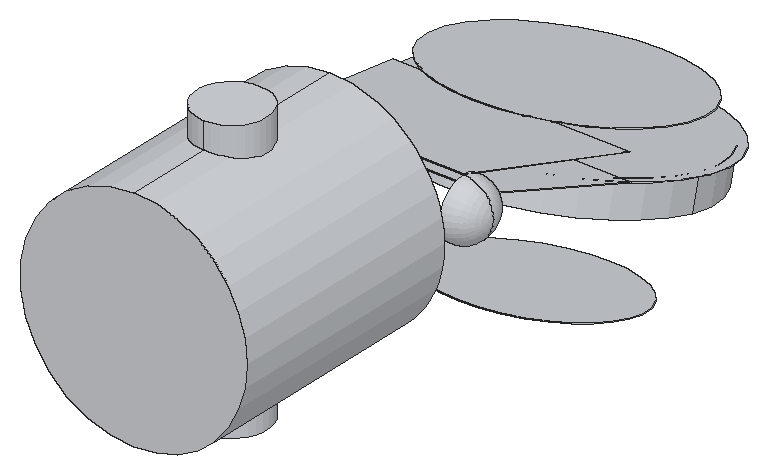
Revit family "SHG_Melder_V1700", category Sicherheitsgeräte, Revit 2017
Family settings
  Beschriftungsausrichtung beibehalten = Nein
  Bemaßung runder Anschluss = Durchmesser verwenden
  Teiletyp = Normal
  OmniClass-Nummer = 23.85.30.14
  OmniClass-Titel = Presence Detection/Registration
  Arbeitsebenenbasiert = Nein
  Immer vertikal = Ja
  Beim Laden mit Abzugskörper schneiden = Nein
  Gemeinsam genutzt = Nein
  Raumberechnungspunkt = Nein
Parameters (values of type "Ultraschallbewegungsmelder")
  Überfallmelder = no
  pbr_Material_KZ = ""
  pbr_Material = none
  pbr_E_Typ = ""
  pbr_E_KZ = ""
  pbr_DINBild = 0
  pbr_Bild = 0
  pbr_3Dx_Delta_Korrekturversatz [instance] = 0 mm
  pbr_3DX_Versatzfaktor [instance] = 0
  pbr_2DY_Versatzfaktor [instance] = 0
  pbr_2DX_Versatzfaktor [instance] = 0
  lfd_STRK [instance] = 0
  cpiFitMatchKey [instance] = "E-IM"  # constant formula
  Zentrale [instance] = ""
  Ultraschallbewegungsmelder = yes
  Typ [instance] = ""
  Text3 [instance] = ""
  Text2 [instance] = ""
  Text1 [instance] = ""
  Planungsbüro Rohling = "www.pbr.de"
  Netzart = ""
  Menge(Dosenzahl) [instance] = 0
  Linie/Anschluss [instance] = ""
  Linie [instance] = ""
  Lastklassifizierung = none
  Körperschallmelder = no
  Installationsart [instance] = ""
  Info [instance] = ""
  Glasbruchmelder passiv = no
  Glasbruchmelder akustisch = no
  Gewerk [instance] = "EMA"
  Eckversatz [instance] = 0 mm
  YFrontversatz [instance] = if(pbr_2DY_Versatzfaktor = 300, 0 mm, pbr_2DY_Versatzfaktor * 300 mm)  # 0 mm
  XSeitenversatz [instance] = if(pbr_2DX_Versatzfaktor = 0, 3000 mm, 3000 mm + (pbr_2DX_Versatzfaktor * 300 mm)) + Eckversatz  # 3000 mm
  R_Leerrohranschluss = 10 mm
  Niveau [instance] = 1100 mm
  Durchbruchsmelder = no
  Dosentiefe = 70 mm  # constant formula
  Dosenradius = 65 mm / 2  # 32.5 mm
  D_Leerrohranschluss = 2 * R_Leerrohranschluss  # 20 mm
  Bus [instance] = ""
  Breite = 80 mm
  Betriebsstrom ruhe [instance] = 0
  Betriebsstrom max [instance] = 0
  3DX_Versatzkontrolle [instance] = if(pbr_3DX_Versatzfaktor = 0, (pbr_2DX_Versatzfaktor * -1), (((-1 * pbr_3DX_Versatzfaktor) + pbr_2DX_Versatzfaktor) * -1))  # 0
  3DX_Versatzfaktor [instance] = 0
  3DX_Versatz [instance] = if([3DX_Versatzkontrolle] = 0, 2000 mm, 2000 mm + ([3DX_Versatzkontrolle] * (300 mm - Breite))) + pbr_3Dx_Delta_Korrekturversatz  # 2000 mm
  2DY_Versatzfaktor [instance] = 0
  2DX_Versatzfaktor [instance] = 0
  Platzierrahmen [instance] = no
Types (6, lengths in mm): name | Überfallmelder | Ultraschallbewegungsmelder | Körperschallmelder | Glasbruchmelder passiv | Glasbruchmelder akustisch | Durchbruchsmelder
  Durchbruchsmelder | no | no | no | no | no | yes
  Glasbruchmelder_akustisch | no | no | no | no | yes | no
  Glasbruchmelder_passiv | no | no | no | yes | no | no
  Koerperschallmelder | no | no | yes | no | no | no
  Ueberfallmelder | yes | no | no | no | no | no
  Ultraschallbewegungsmelder | no | yes | no | no | no | no
Reference planes
  plane 1 "Mitte (Vorne/Hinten)": y = 0
  plane 2: z = 0
  plane 3 "Mitte (Links/Rechts)": x = 0
  plane 4: x = -125
  plane 5: x = 125
  plane 6: y = 300
  plane 7 "Schalterhinten": y = 0
  plane 8: x = -3000
  plane 9: x = 0
  plane 10: x = -2000
  plane 11: x = -40
  plane 12: x = 40
  plane 13: z = 1140
  plane 14: z = 1060
  plane 15 "SchalterVorne": y = 5
  plane 16 "3DSchalterMitte": x = 0
  plane 17: z = 1100
  plane 18: y = -70
  plane 19: y = -35
Forms (mm)
  Sweep 1, solid
    path origin (0, 0, 0) x (0, 0, 1) y (0, -1, 0)
      loop
        line (1100, 0) -> (1100, 70)
    profile origin (0, -35, 1100) x (0, 0, -1) y (1, 0, 0)
      loop
        circle (0, 0) r 32.5
  Sweep 2, solid
    path origin (0, 0, 0) x (0, 0, 1) y (0, -1, 0)
      loop
        line (1060, 35) -> (1140, 35)
    profile origin (0, -35, 1100) x (0, -1, 0) y (1, 0, 0)
      loop
        circle (0, 0) r 10
  Extrusion 3, solid
    sketch origin (240, 79.594, 1075.606) x (1, 0, 0) y (0, 0.970143, -0.242536)
      loop
        circle (-240, 0) r 39.95
    from 0 to 10
  Extrusion 4, solid
    sketch origin (248.5, 14.5, 1091.5) x (1, 0, 0) y (0, 1, 0)
      loop
        line (-240, 0) -> (-257, 0) -> (-257, -14.5) -> (-240, -14.5) -> (-240, 0)
    from 0 to 17
  Extrusion 5, solid
    sketch origin (240, 82.019, 1085.308) x (1, 0, 0) y (0, 0.970143, -0.242536)
      loop
        circle (-240, 0) r 42.5
    from -0.1 to 0.1
  Extrusion 6, solid
    sketch origin (240, 84.444, 1095.009) x (1, 0, 0) y (0, 0.970143, -0.242536)
      loop
        circle (-240, 0) r 34.85
    from -0.1 to 0.1
  Extrusion 7, solid
    sketch origin (240, 72.56, 1047.472) x (1, 0, 0) y (0, 0.970143, -0.242536)
      loop
        circle (-240, 0) r 27.625
    from -0.1 to 0.1
  Extrusion 8, solid
    sketch origin (265.5, 15.75, 1108.5) x (1, 0, 0) y (0, -0.968051, 0.250755)
      loop
        line (-291, 0) -> (-299.362, -50.367) -> (-231.638, -50.367) -> (-240, 0) -> (-291, 0)
    from -0.1 to 0.1
  Extrusion 9, solid
    sketch origin (265.5, 24.25, 1100) x (1, 0, 0) y (0, -0.96859, 0.248665)
      loop
        line (-291, 0) -> (-302.306, -38.358) -> (-228.694, -38.358) -> (-240, 0) -> (-291, 0)
    from -0.1 to 0.1
  Revolve 10, solid
    sketch origin (214.5, 15.75, 1100) x (0, 0, 1) y (1, 0, 0)
      loop
        arc (-8.5, -240) -> (-6.01, -246.01) -> (0, -248.5) r 8.5
        line (0, -248.5) -> (0, -247.7)
        arc (0, -247.7) -> (-5.445, -245.445) -> (-7.7, -240) r 7.7
        line (-7.7, -240) -> (-8.5, -240)
      axis (0, -240) -> (0, -248.5)
    angle from 0 to 360
  Revolve 11, solid
    sketch origin (265.5, 15.75, 1100) x (0, 0, 1) y (1, 0, 0)
      loop
        arc (8.5, -240) -> (6.01, -233.99) -> (0, -231.5) r 8.5
        line (0, -231.5) -> (0, -232.3)
        arc (0, -232.3) -> (5.445, -234.555) -> (7.7, -240) r 7.7
        line (7.7, -240) -> (8.5, -240)
      axis (0, -240) -> (0, -231.5)
    angle from 0 to 360
Cuts and joins
  joined: Sweep 1, Sweep 2
Lines and regions (mm)
  model lines
    curve 1: arc (-33.862, 64.508, 1095.87) -> (0, 45.542, 1100.612) -> (33.862, 64.508, 1095.87) r 39.1
    curve 2: arc (-36.806, 61.403, 1090.462) -> (0, 40.788, 1095.616) -> (36.806, 61.403, 1090.462) r 42.5
  model lines, style "InvisibleLines"
    curve 3: line (0, 139.5, 1100) -> (0, -40.5, 1100)
  model lines, style "InvisibleLines", detail levels coarse
    curve 4: line (-60, -21.75, 1100) -> (70, -21.75, 1100)
Dimensions and locks
  plane 4 to plane 5 = 250 mm
  plane 6 to plane 7 "Schalterhinten" = 300 mm
  equal spacing: plane 4, plane 9, plane 5, locked at 125 each
  "XSeitenversatz": plane 8 to plane 9
  plane 8 to plane 3 "Mitte (Links/Rechts)" = 3000 mm
  "YFrontversatz": plane 1 "Mitte (Vorne/Hinten)" to plane 7 "Schalterhinten"
  plane 12 to plane 11 = 80 mm
  plane 13 to plane 14 = 80 mm
  plane 9 to plane 10 = 2000 mm
  equal spacing: plane 12, plane 16 "3DSchalterMitte", plane 11
  equal spacing: plane 13, plane 17, plane 14
  "Niveau": plane 17 to level
  "Dosentiefe": plane 1 "Mitte (Vorne/Hinten)" to plane 18
  plane 15 "SchalterVorne" to plane 1 "Mitte (Vorne/Hinten)" = 5 mm
  equal spacing: plane 18, plane 19, plane 1 "Mitte (Vorne/Hinten)"
  locked: plane 9 to plane 10 at 2000
  "3DX_Versatz": plane 3 "Mitte (Links/Rechts)" to plane 10
  "Breite": plane 12 to plane 11
  "Dosenradius": radius of Sweep 1 sketch curve
  "R_Leerrohranschluss": radius of Sweep 2 sketch curve
  aligned and locked: level to plane 2
  aligned and locked: curve 3 to plane 16 "3DSchalterMitte"
  aligned and locked: plane 1 "Mitte (Vorne/Hinten)" to Extrusion 4
  aligned and locked: curve 3 to plane 17
  aligned and locked: nested 1 to plane 9
  aligned and locked: nested 1 to plane 7 "Schalterhinten"
  aligned and locked: nested 2 to plane 9
  aligned and locked: nested 2 to plane 7 "Schalterhinten"
  aligned and locked: nested 3 to plane 9
  aligned and locked: nested 3 to plane 7 "Schalterhinten"
  aligned and locked: nested 4 to plane 9
  aligned and locked: nested 4 to plane 7 "Schalterhinten"
  aligned and locked: nested 5 to plane 9
  aligned and locked: nested 5 to plane 7 "Schalterhinten"
  aligned and locked: nested 6 to plane 9
  aligned and locked: nested 6 to plane 7 "Schalterhinten"
Automatic sketch dimensions
  Sweep 1 sketch curve to plane 17 = 0 mm
  Sweep 1 sketch curve to plane 1 "Mitte (Vorne/Hinten)" = 0 mm
  Sweep 1 sketch curve to plane 18 = 0 mm
  Sweep 2 sketch curve to plane 14 = 0 mm
  plane 13 to Sweep 2 sketch curve = 0 mm
  Sweep 2 sketch curve to plane 19 = 0 mm
  Sweep 1 sketch curve to plane 16 "3DSchalterMitte" = 0 mm
  Sweep 1 sketch curve to profile plane = 0 mm
  Sweep 2 sketch curve to plane 16 "3DSchalterMitte" = 0 mm
  Sweep 2 sketch curve to profile plane = 0 mm
  Extrusion 4 sketch curve to Extrusion 4 sketch curve = 14.5 mm
  Extrusion 8 sketch curve to Extrusion 8 sketch curve = 50.367 mm
  Extrusion 9 sketch curve to Extrusion 9 sketch curve = 38.358 mm
  Revolve 10 sketch curve to Revolve 10 sketch curve = 0.8 mm
  Revolve 10 sketch curve to Revolve 10 sketch curve = 7.7 mm
  Revolve 10 sketch curve to Revolve 10 sketch curve = 0 mm  (x5)
  Revolve 11 sketch curve to Revolve 11 sketch curve = 7.7 mm
  Revolve 11 sketch curve to Revolve 11 sketch curve = 0.8 mm
  Revolve 11 sketch curve to Revolve 11 sketch curve = 0 mm  (x5)
  Extrusion 3 sketch curve to Extrusion 3 sketch curve = 39.95 mm
  Extrusion 4 sketch curve to Extrusion 4 sketch curve = 17 mm
  Extrusion 5 sketch curve to Extrusion 5 sketch curve = 42.5 mm
  Extrusion 6 sketch curve to Extrusion 6 sketch curve = 34.85 mm
  Extrusion 8 sketch curve to Extrusion 8 sketch curve = 8.362 mm  (x2)
  Extrusion 8 sketch curve to Extrusion 8 sketch curve = 51 mm
  Extrusion 9 sketch curve to Extrusion 9 sketch curve = 11.306 mm  (x2)
  Extrusion 9 sketch curve to Extrusion 9 sketch curve = 51 mm
  Extrusion 7 sketch curve to Extrusion 7 sketch curve = 27.625 mm
  Extrusion 3 sketch curve to Extrusion 3 sketch curve = 0 mm  (x2)
  Extrusion 3 sketch curve to plane 16 "3DSchalterMitte" = 0 mm
  plane 1 "Mitte (Vorne/Hinten)" to Extrusion 4 sketch curve = 0 mm
  Extrusion 4 sketch curve to plane 16 "3DSchalterMitte" = 8.5 mm
  Extrusion 5 sketch curve to Extrusion 5 sketch curve = 0 mm  (x2)
  Extrusion 5 sketch curve to plane 16 "3DSchalterMitte" = 0 mm
  Extrusion 6 sketch curve to Extrusion 6 sketch curve = 0 mm  (x2)
  Extrusion 6 sketch curve to plane 16 "3DSchalterMitte" = 0 mm
  Extrusion 7 sketch curve to Extrusion 7 sketch curve = 0 mm  (x2)
  Extrusion 7 sketch curve to plane 16 "3DSchalterMitte" = 0 mm
  plane 11 to Extrusion 8 sketch curve = 6.138 mm
  plane 11 to Extrusion 9 sketch curve = 3.194 mm
  Revolve 10 sketch curve to plane 17 = 0 mm
  plane 11 to Revolve 10 sketch curve = 6 mm
  Revolve 11 sketch curve to plane 17 = 0 mm
  Revolve 11 sketch curve to plane 12 = 14.5 mm
  curve 1 to plane 16 "3DSchalterMitte" = 0 mm
  plane 11 to curve 1 = 6.138 mm
  curve 1 to plane 12 = 6.138 mm
  curve 1 to curve 1 = 19.55 mm
  curve 2 to plane 16 "3DSchalterMitte" = 0 mm
  plane 11 to curve 2 = 3.194 mm
  curve 2 to plane 12 = 3.194 mm
  curve 2 to curve 2 = 21.25 mm
  curve 3 to plane 16 "3DSchalterMitte" = 0 mm
  curve 3 to plane 19 = 5.5 mm
  curve 4 to plane 11 = 20 mm
  plane 19 to curve 4 = 13.25 mm
  plane 12 to curve 4 = 30 mm
  curve 3 to plane 15 "SchalterVorne" = 134.5 mm
Nested families
  nested 1: "Durchbruchsmelder" at (0, 0, 0), visible <- "Durchbruchsmelder", type "Durchbruchsmelder"
  nested 2: "Glasbruchmelder, aktiv (GMak)" at (0, 0, 0), visible <- "Glasbruchmelder akustisch", type "Glasbruchmelder, aktiv (GMak)"
  nested 3: "Glasbruchmelder, passiv (GMp)" at (0, 0, 0), visible <- "Glasbruchmelder passiv", type "Glasbruchmelder, passiv (GMp)"
  nested 4: "Körperschallmelder (KM)" at (0, 0, 0), visible <- "Körperschallmelder", type "Körperschallmelder (KM)"
  nested 5: "Ultraschallbewegungsmelder" at (0, 0, 0), visible <- "Ultraschallbewegungsmelder", type "Ultraschallbewegungsmelder"
  nested 6: "Überfallmelder (ÜM)" at (0, 0, 0), visible <- "Überfallmelder", type "Überfallmelder (ÜM)"
Connectors
  electrical at (0, -35, 1140)
    settings: on cut or joined group of Sweep 1, Sweep 2, index 3, voltage 230 V, apparent load 0 VA, apparent load phase1 0 VA, apparent load phase2 0 VA, apparent load phase3 0 VA, power factor 1, load classification "Standard", number of poles 1, system type 10, power factor state 1, is connector primary yes, connector utility no, sub classification motor no, connector description ""
  cabletrayconduit at (0, -35, 1140), diameter 20, driven by "D_Leerrohranschluss"
    settings: on cut or joined group of Sweep 1, Sweep 2, index 4, connector width 300 mm, connector height 300 mm, connector angle 0.00°, system type 32, placement type 0, profile type 0, connector reference index -1, is primary connector yes, connector utility param no, connector description ""
  cabletrayconduit at (0, -35, 1060), diameter 20, driven by "D_Leerrohranschluss"
    settings: on cut or joined group of Sweep 1, Sweep 2, index 5, connector width 300 mm, connector height 300 mm, connector angle 0.00°, system type 32, placement type 0, profile type 0, connector reference index -1, is primary connector no, connector utility param no, connector description ""
Definition of nested family "Durchbruchsmelder"
  Reference planes
    plane 1 "Mitte (Vorne/Hinten)": y = 0
    plane 2: z = 0
    plane 3 "Mitte (Links/Rechts)": x = 0
  Lines and regions (mm)
    detail lines, in view "Referenzebene"
      curve 1: line (-157.653, 0.223, 0) -> (157.347, 0.223, 0)
      curve 2: line (125.847, 115.723, 0) -> (125.847, 105.223, 0)
      curve 3: line (125.847, 105.223, 0) -> (-126.153, 105.223, 0)
      curve 4: line (-126.153, 105.223, 0) -> (-126.153, 115.723, 0)
      curve 5: line (-126.153, 115.723, 0) -> (125.847, 115.723, 0)
      curve 6: line (-81.153, 270.223, 0) -> (80.847, 270.223, 0)
      curve 7: line (80.847, 270.223, 0) -> (-0.153, 0.223, 0)
      curve 8: line (-0.153, 0.223, 0) -> (-81.153, 270.223, 0)
      curve 9: line (-78.903, 262.723, 0) -> (78.597, 262.723, 0)
      curve 10: line (-75.753, 252.223, 0) -> (75.447, 252.223, 0)
      curve 11: line (-72.603, 241.723, 0) -> (72.297, 241.723, 0)
      curve 12: line (-69.453, 231.223, 0) -> (69.147, 231.223, 0)
      curve 13: line (-66.303, 220.723, 0) -> (65.997, 220.723, 0)
      curve 14: line (-63.153, 210.223, 0) -> (62.847, 210.223, 0)
      curve 15: line (-60.003, 199.723, 0) -> (59.697, 199.723, 0)
      curve 16: line (-56.853, 189.223, 0) -> (56.547, 189.223, 0)
      curve 17: line (-53.703, 178.723, 0) -> (53.397, 178.723, 0)
      curve 18: line (-50.553, 168.223, 0) -> (50.247, 168.223, 0)
      curve 19: line (-47.403, 157.723, 0) -> (47.097, 157.723, 0)
      curve 20: line (-44.253, 147.223, 0) -> (43.947, 147.223, 0)
      curve 21: line (-41.103, 136.723, 0) -> (40.797, 136.723, 0)
      curve 22: line (-37.953, 126.223, 0) -> (37.647, 126.223, 0)
      curve 23: line (-28.503, 94.723, 0) -> (28.197, 94.723, 0)
      curve 24: line (-25.353, 84.223, 0) -> (25.047, 84.223, 0)
      curve 25: line (-22.203, 73.723, 0) -> (21.897, 73.723, 0)
      curve 26: line (-19.053, 63.223, 0) -> (18.747, 63.223, 0)
      curve 27: line (-15.903, 52.723, 0) -> (15.597, 52.723, 0)
      curve 28: line (-12.753, 42.223, 0) -> (12.447, 42.223, 0)
      curve 29: line (-9.603, 31.723, 0) -> (9.297, 31.723, 0)
      curve 30: line (-6.453, 21.223, 0) -> (6.147, 21.223, 0)
      curve 31: line (-3.303, 10.723, 0) -> (2.997, 10.723, 0)
Definition of nested family "Glasbruchmelder, aktiv (GMak)"
  Reference planes
    plane 1 "Mitte (Vorne/Hinten)": y = 0
    plane 2: z = 0
    plane 3 "Mitte (Links/Rechts)": x = 0
  Lines and regions (mm)
    detail lines, in view "Referenzebene"
      curve 1: circle (0.566, 138.464, 0) r 64 normal (0, 0, 1)
      curve 2: line (0.566, 202.464, 0) -> (0.566, 300, 0)
      curve 3: line (-149.434, 64, 0) -> (150.566, 64, 0)
      curve 4: line (-149.434, 128, 0) -> (-149.434, 0, 0)
      curve 5: line (150.566, 0, 0) -> (150.566, 128, 0)
      curve 6: line (-149.434, 299.569, 0) -> (150.566, 299.569, 0)
      curve 7: line (150.566, 299.569, 0) -> (150.566, 0, 0)
      curve 8: line (150.566, 0, 0) -> (-149.434, 0, 0)
      curve 9: line (-149.434, 0, 0) -> (-149.434, 299.569, 0)
Definition of nested family "Glasbruchmelder, passiv (GMp)"
  Reference planes
    plane 1 "Mitte (Vorne/Hinten)": y = 0
    plane 2: z = 0
    plane 3 "Mitte (Links/Rechts)": x = 0
  Lines and regions (mm)
    detail lines, in view "Referenzebene"
      curve 1: circle (0.566, 133.771, 0) r 64 normal (0, 0, 1)
      curve 2: line (0.566, 197.771, 0) -> (0.566, 295.306, 0)
      curve 3: line (-149.434, 59.306, 0) -> (150.566, 59.306, 0)
      curve 4: line (-149.434, 123.306, 0) -> (-149.434, -4.694, 0)
      curve 5: line (150.566, -4.694, 0) -> (150.566, 123.306, 0)
Definition of nested family "Körperschallmelder (KM)"
  Reference planes
    plane 1 "Mitte (Vorne/Hinten)": y = 0
    plane 2: z = 0
    plane 3 "Mitte (Links/Rechts)": x = 0
  Lines and regions (mm)
    Filled region 1, type "Beton", in view "Referenzebene"
      outline origin (438.787, -270.023, 0) x (1, 0, 0) y (0, 1, 0)
        loop
          line (-586.993, 333.087) -> (-586.993, 269.087) -> (-286.993, 269.087) -> (-286.993, 333.087) -> (-586.993, 333.087)
    detail lines, in view "Referenzebene"
      curve 1: circle (1.793, 137.528, 0) r 64 normal (0, 0, 1)
      curve 2: line (99.621, 194.72, 0) -> (-96.035, 194.72, 0)
      curve 3: line (-96.035, 194.72, 0) -> (-96.035, -0.936, 0)
      curve 4: line (-96.035, -0.936, 0) -> (99.621, -0.936, 0)
      curve 5: line (99.621, -0.936, 0) -> (99.621, 194.72, 0)
      curve 6: line (-96.035, -0.936, 0) -> (99.621, -0.936, 0)
      curve 7: line (1.793, 201.528, 0) -> (1.793, 299.064, 0)
      curve 8: line (-148.207, 127.064, 0) -> (-148.207, 63.064, 0)
      curve 9: line (-148.207, 63.064, 0) -> (151.793, 63.064, 0)
      curve 10: line (151.793, 63.064, 0) -> (151.793, -0.936, 0)
      curve 11: line (-148.207, 63.064, 0) -> (-148.207, -0.936, 0)
      curve 12: line (151.793, 63.064, 0) -> (151.793, 127.064, 0)
Definition of nested family "Ultraschallbewegungsmelder"
  Reference planes
    plane 1 "Mitte (Vorne/Hinten)": y = 0
    plane 2: z = 0
    plane 3 "Mitte (Links/Rechts)": x = 0
  Lines and regions (mm)
    detail lines, in view "Referenzebene"
      curve 1: line (47.904, 72.159, 0) -> (155.063, 286.477, 0)
      curve 2: line (-37.778, 72.159, 0) -> (-144.937, 286.477, 0)
      curve 3: line (155.063, 72.159, 0) -> (155.063, 0, 0)
      curve 4: line (155.063, 0, 0) -> (-144.937, 0, 0)
      curve 5: line (-144.937, 0, 0) -> (-144.937, 72.159, 0)
      curve 6: line (-144.937, 72.159, 0) -> (155.063, 72.159, 0)
Definition of nested family "Überfallmelder (ÜM)"
  Reference planes
    plane 1 "Mitte (Vorne/Hinten)": y = 0
    plane 2: z = 0
    plane 3 "Mitte (Links/Rechts)": x = 0
  Lines and regions (mm)
    detail lines, in view "Referenzebene"
      curve 1: circle (-6.033, 150, 0) r 120 normal (0, 0, 1)
      curve 2: circle (-6.033, 150, 0) r 86.805 normal (0, 0, 1)
      curve 3: line (-156.033, 0, 0) -> (143.967, 0, 0)
      curve 4: line (143.967, 0, 0) -> (143.967, 300, 0)
      curve 5: line (143.967, 300, 0) -> (-156.033, 300, 0)
      curve 6: line (-156.033, 300, 0) -> (-156.033, 0, 0)
